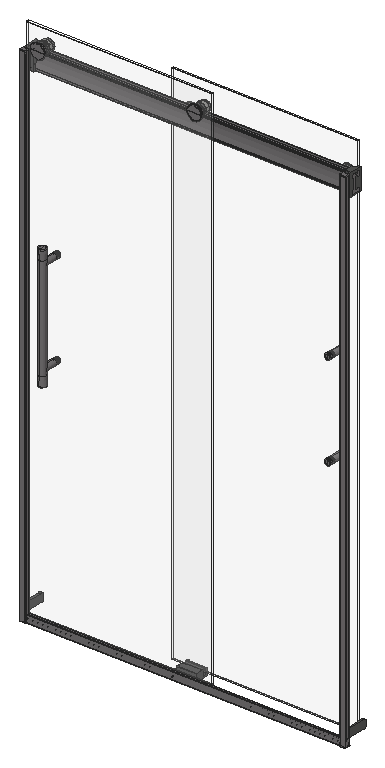
Revit family "Shower-Shower_Door-KOHLER-Elmbrook-K-706852_1", category Specialty Equipment, host Face, Revit 2022
Family settings
  Host = Face
  Round Connector Dimension = Use Diameter
  Part Type = Normal
  OmniClass Number = 23.31.17.17
  OmniClass Title = Shower Enclosures
  Cut with Voids When Loaded = No
  Maintain Annotation Orientation = No
  Shared = No
  Room Calculation Point = No
Parameters (values of type "ABZ-Anodized Dark Bronze")
  Width [instance] = Walk Through + 26.57874"  # 44.64961"
  WaterSense Certified = 1 = 0  # no
  Walk Through [instance] = 18.07087"
  URL = "https://www.us.kohler.com/us/"
  Type = 1
  Product Page URL = "http://www.us.kohler.com/us/catalog/productDetails.jsp?productId=706852-8L"
  Product Name = "Elmbrook"  # constant formula
  Product Documentation Link = "https://www.us.kohler.com/webassets/kpna/catalog/pdf/en/K-706852-8L_spec_US-CA_Kohler_en.pdf"
  Model = if(Type = 1, "K-706852-8L-ABZ", if(Type = 2, "K-706852-8L-2MB", if(Type = 3, "K-706852-8L-BL", if(Type = 4, "K-706852-8L-BNK", if(Type = 5, "K-706852-8L-SHP", "NA")))))  # "K-706852-8L-ABZ"
  Material = "Premium Metal Construction"  # constant formula
  Master Format 2014 Name = "Shower Doors"  # constant formula
  Master Format 2014 = "10 28 19.16"  # constant formula
  Manufacturer Address = "444 Highland Dr, Kohler, WI 53044"  # constant formula
  Manufacturer = "Kohler Co."  # constant formula
  Length = 7 13/128"  # constant formula
  Height = 73 137/256"  # constant formula
  Finish = Kohler-Metal-ABZ-Anodized_Dark_Bronze
  Environmental Product Declaration = ""
  Description = "Frameless sliding shower door, 73-9/16 Inch H x 44-5/8 - 47-5/8 Inch W, with 5/16 Inch thick Crystal Clear glass"  # constant formula
  Default Elevation = 4"
  Declare Label = ""
  Date Modified = "07/15/2022"  # constant formula
  Date Created = "07/15/2022"  # constant formula
  Copyright = "Copyright Kohler Co."  # constant formula
  Contact Us = "https://www.us.kohler.com/us/static/contact.jsp"
  Assembly Code = "C1030200"
  ADA Compliant = 1 = 0  # no
Reference planes (in)
  plane 1 "Center (Front/Back)": y = 0
  plane 2: z = 0
  plane 3 "Center (Left/Right)": x = 0
  plane 4: x = -25.81528
  plane 5: x = 18.07087
  plane 6: x = 16.53887
  plane 7: x = 14.84292
  plane 8: x = -2.00521
  plane 9: x = -2.65748
  plane 10: x = -4.9472
  plane 11: x = -5.41339
  plane 12: x = -6.93
  plane 13: x = -21.74417
  plane 14: x = -23.47804
  plane 15: x = -24.82417
  plane 16: x = -25.03965
  plane 17: x = -25.43704
  plane 18: x = 18.83432
  plane 19: x = 18.07031
  plane 20: z = 73.53516
  plane 21: z = 70.79309
  plane 22: z = 70.33864
  plane 23: z = 67.58059
  plane 24: z = 67.35303
  plane 25: z = 47.90725
  plane 26: z = 45.95052
  plane 27: z = 32.95012
  plane 28: z = 30.99378
  plane 29: z = 0.99037
  plane 30: y = 3.5515
  plane 31: y = 3.02679
  plane 32: y = 1.67304
  plane 33: y = 1.0264
  plane 34: y = -1.77495
  plane 35: y = -3.55006
  plane 36: y = -3.02515
  plane 37: y = -0.71911
  plane 38: y = -1.03166
  plane 39: y = 0.7144
Dimensions and locks (in)
  locked: plane 4 to plane 3 "Center (Left/Right)" at 25.81528
  locked: plane 12 to plane 10 at 1.9828
  locked: plane 7 to plane 6 at 1.69595
  locked: plane 6 to plane 5 at 1.53199
  plane 25 to plane 28 = 16.91346"
  plane 28 to level = 30.99378"
  "Height": plane 20 to level
  "Length": plane 35 to plane 30
  "Width": plane 4 to plane 18
  "Walk Through": plane 5 to plane 3 "Center (Left/Right)"
  aligned and locked: plane 2 to host face
  aligned and locked: level to host face
  aligned and locked: plane 18 to nested 1
  aligned and locked: nested 1 to plane 4
Automatic sketch dimensions
  host sketch curve to host sketch curve = 96"  (x2)
Nested families (in)
  nested 1: "K-706852" at (5.41722, 0, 0), type "K-706852"
Definition of nested family "K-706852"
  Parameters (values of type "K-706852")
    Material = none
    Default Elevation = 0"
    Walk Thru = 18.07087"
  Reference planes (in)
    plane 1 "Center (Front/Back)": y = 0
    plane 2: z = 0
    plane 3 "Center (Left/Right)": x = -5.41883
    plane 4: x = -7.42404
    plane 5: x = -31.23411
    plane 6: x = 13.4171
    plane 7: x = 12.65204
    plane 8: x = -30.45848
    plane 9 "G": x = -28.89687
    plane 10 "F": x = -27.163
    plane 11 "E": x = -12.3233
    plane 12: x = -10.83221
    plane 13: x = -8.07631
    plane 14 "D": x = -10.34051
    plane 15 "C": x = -7.42404
    plane 16 "B": x = 9.42409
    plane 17 "A": x = 11.12005
    plane 18: x = 13.11063
    plane 19: x = -30.243
    plane 20: x = -30.85587
    plane 21: z = 73.53554
    plane 22: z = 70.79309
    plane 23: z = 70.33864
    plane 24: z = 67.35303
    plane 25 "Z": z = 47.90725
    plane 26: z = 30.99378
    plane 27: z = 45.95052
    plane 28: z = 32.95012
    plane 29: z = 0.99037
    plane 30: z = 67.58059
    plane 31: y = 3.5515
    plane 32: y = 3.02679
    plane 33: y = 1.67304
    plane 34: y = 1.71523
    plane 35: y = 1.0264
    plane 36: y = -1.77495
    plane 37: y = -3.54987
    plane 38: y = -3.02515
    plane 39: y = -1.65344
  Forms (in)
    Extrusion 1, solid, material <- "Material"
      sketch origin (-5.95689, -0.08634, 0) x (1, 0, 0) y (0, 1, 0)
        loop
          line (-24.61229, -1.05332) -> (-25.27722, -1.05332) -> (-25.27722, -1.69043) -> (-24.60951, -1.69043)
          arc (-24.60951, -1.69043) -> (-24.5332, -1.65882) -> (-24.50159, -1.58251) r 0.10792
          line (-24.50159, -1.58251) -> (-24.50159, -1.16402)
          arc (-24.50159, -1.16402) -> (-24.53401, -1.08574) -> (-24.61229, -1.05332) r 0.11069
        loop
          arc (18.71962, -1.03718) -> (18.64135, -1.06961) -> (18.60893, -1.14788) r 0.11069
          line (18.60893, -1.14788) -> (18.60893, -1.57328)
          arc (18.60893, -1.57328) -> (18.64054, -1.64959) -> (18.71685, -1.6812) r 0.10792
          line (18.71685, -1.6812) -> (19.37399, -1.6812) -> (19.37399, -1.03718) -> (18.71962, -1.03718)
      from 70.243 to 70.33864
    Extrusion 2, solid, material <- "Material", detail levels medium+fine
      sketch origin (-5.95689, -0.08634, 0) x (1, 0, 0) y (0, 1, 0)
        loop
          line (-24.61626, -1.05474) -> (-25.27722, -1.07205) -> (-25.27722, -1.11406) -> (-25.27722, -1.62525) -> (-25.27722, -1.6717) -> (-24.62182, -1.68886)
          arc (-24.62182, -1.68886) -> (-24.5407, -1.65711) -> (-24.50683, -1.57685) r 0.11206
          line (-24.50683, -1.57685) -> (-24.50683, -1.16133)
          arc (-24.50683, -1.16133) -> (-24.53906, -1.08495) -> (-24.61626, -1.05474) r 0.10663
        loop
          arc (18.71835, -1.055) -> (18.64115, -1.08521) -> (18.60893, -1.16159) r 0.10663
          line (18.60893, -1.16159) -> (18.60893, -1.57659)
          arc (18.60893, -1.57659) -> (18.64279, -1.65685) -> (18.72392, -1.6886) r 0.11206
          line (18.72392, -1.6886) -> (19.37399, -1.67158) -> (19.37399, -1.62513) -> (19.37399, -1.11406) -> (19.37399, -1.07205) -> (18.71835, -1.055)
      from 0.078 to 70.243
    Extrusion 3, solid, material <- "Material", detail levels medium+fine
      sketch origin (0.19161, -0.08634, 0) x (0, 1, 0) y (0, 0, 1)
        loop
          line (-0.399, 70.12659) -> (-0.399, 69.95357)
          arc (-0.399, 69.95357) -> (-0.3975, 69.93172) -> (-0.39303, 69.91028) r 0.15979
          arc (-0.39303, 69.91028) -> (-0.24718, 68.84257) -> (-0.399, 67.77568) r 3.90121
          line (-0.399, 67.77568) -> (-0.399, 67.60047)
          arc (-0.399, 67.60047) -> (-0.39318, 67.58641) -> (-0.37912, 67.58059) r 0.01988
          line (-0.37912, 67.58059) -> (0.51868, 67.58059)
          arc (0.51868, 67.58059) -> (0.53305, 67.58654) -> (0.539, 67.60091) r 0.02032
          line (0.539, 67.60091) -> (0.539, 67.90561)
          arc (0.539, 67.90561) -> (0.52004, 67.95472) -> (0.473, 67.97835) r 0.07308
          line (0.473, 67.97835) -> (0.473, 67.92617)
          arc (0.473, 67.92617) -> (0.46791, 67.90868) -> (0.45422, 67.89667) r 0.03256
          line (0.45422, 67.89667) -> (0.271, 67.81105) -> (0.09202, 67.89434)
          arc (0.09202, 67.89434) -> (0.07716, 67.89336) -> (0.07, 67.8803) r 0.01549
          line (0.07, 67.8803) -> (0.07, 67.84916)
          arc (0.07, 67.84916) -> (0.07427, 67.83452) -> (0.08575, 67.82446) r 0.02725
          line (0.08575, 67.82446) -> (0.22119, 67.76144)
          arc (0.22119, 67.76144) -> (0.23344, 67.75071) -> (0.238, 67.73507) r 0.02908
          line (0.238, 67.73507) -> (0.238, 67.70146)
          arc (0.238, 67.70146) -> (0.23189, 67.6867) -> (0.21712, 67.68059) r 0.02088
          line (0.21712, 67.68059) -> (-0.03548, 67.68059)
          arc (-0.03548, 67.68059) -> (-0.07898, 67.69861) -> (-0.097, 67.74211) r 0.06152
          line (-0.097, 67.74211) -> (-0.097, 69.71466)
          arc (-0.097, 69.71466) -> (-0.09058, 69.73016) -> (-0.07507, 69.73659) r 0.02193
          line (-0.07507, 69.73659) -> (-0.022, 69.73659)
          arc (-0.022, 69.73659) -> (-0.00644, 69.73014) -> (0, 69.71458) r 0.022
          line (0, 69.71458) -> (0, 69.66242)
          arc (0, 69.66242) -> (0.00669, 69.64627) -> (0.02283, 69.63959) r 0.02283
          line (0.02283, 69.63959) -> (0.46515, 69.63959)
          arc (0.46515, 69.63959) -> (0.48201, 69.6326) -> (0.489, 69.61574) r 0.02385
          line (0.489, 69.61574) -> (0.489, 69.45559) -> (0.539, 69.45559) -> (0.539, 70.10529)
          arc (0.539, 70.10529) -> (0.53276, 70.12035) -> (0.5177, 70.12659) r 0.0213
          line (0.5177, 70.12659) -> (0.478, 70.12659) -> (0.478, 69.73959) -> (0.1, 69.73959) -> (0.1, 69.77853)
          arc (0.1, 69.77853) -> (0.08299, 69.81958) -> (0.04194, 69.83659) r 0.05806
          line (0.04194, 69.83659) -> (-0.07706, 69.83659) -> (-0.07706, 69.87879)
          arc (-0.07706, 69.87879) -> (-0.06955, 69.89684) -> (-0.05434, 69.90914) r 0.03977
          line (-0.05434, 69.90914) -> (0.072, 69.96765) -> (0.072, 70.01561)
          arc (0.072, 70.01561) -> (0.06468, 70.02895) -> (0.04951, 70.02993) r 0.0158
          line (0.04951, 70.02993) -> (-0.131, 69.94559) -> (-0.333, 70.03959) -> (-0.333, 70.12659) -> (-0.399, 70.12659)
      from -31.19144 to 13.22549
    Extrusion 4, solid
      sketch origin (-5.91075, -0.08634, 0) x (1, 0, 0) y (0, 1, 0)
        loop
          line (-24.33224, 0.64975) -> (-24.94511, 0.66045) -> (-24.94511, 1.02846) -> (-25.32336, 1.03507) -> (-25.32336, -1.05397) -> (-24.94511, -1.04737) -> (-24.94511, -0.48797) -> (-24.33224, -0.47728) -> (-24.33224, 0.64975)
        loop
          line (18.38461, 0.64895) -> (18.38461, -0.47648) -> (19.02138, -0.48759) -> (19.02138, -1.03718) -> (19.32785, -1.03718) -> (19.32785, 1.03343) -> (19.02138, 1.02808) -> (19.02138, 0.66007) -> (18.38461, 0.64895)
      from 67.35303 to 70.33864
    Extrusion 5, solid, detail levels medium+fine
      sketch origin (-5.91075, -0.08376, 0) x (0, 1, 0) y (0, 0, 1)
        loop
          line (-1.07301, 2.12737) -> (-1.07301, 1.05363) -> (1.54571, 1.05363)
          arc (1.54571, 1.05363) -> (1.72481, 1.12782) -> (1.79899, 1.30691) r 0.25328
          line (1.79899, 1.30691) -> (1.79899, 1.87971)
          arc (1.79899, 1.87971) -> (1.72645, 2.05483) -> (1.55133, 2.12737) r 0.24766
          line (1.55133, 2.12737) -> (-1.07301, 2.12737)
      from -25.32336 to -24.94511
    Revolve 6, solid, material <- "Material", detail levels medium+fine
      sketch origin (-32.00649, -180.07404, 70.79309) x (-1, 0, 0) y (0, -1, 0)
        loop
          line (-3.09733, -180.42981) -> (-2.41731, -180.42981) -> (-2.37233, -180.38483) -> (-2.37233, -180.12281) -> (-2.88733, -180.12281) -> (-2.88733, -180.06432) -> (-2.3511, -180.06432)
          arc (-2.3511, -180.06432) -> (-2.28612, -179.87731) -> (-2.3511, -179.69031) r 0.30157
          line (-2.3511, -179.69031) -> (-2.83153, -179.69031) -> (-2.83153, -179.64119) -> (-2.54617, -179.64119) -> (-2.54617, -179.5582) -> (-2.37001, -179.5582) -> (-2.37001, -179.357) -> (-2.94711, -179.357) -> (-2.94711, -179.3251) -> (-2.76661, -179.3251) -> (-2.76661, -179.04475) -> (-2.40589, -179.04475)
          arc (-2.40589, -179.04475) -> (-2.2933, -178.74069) -> (-2.08301, -178.49391) r 0.92813
          line (-2.08301, -178.49391) -> (-2.12772, -178.40615) -> (-3.09733, -178.40615) -> (-3.09733, -180.42981)
        axis (-3.09733, -180.42981) -> (-3.09733, -178.40615)
      angle from 0 to 360
    Extrusion 7, solid, material <- "Material", detail levels medium+fine
      sketch origin (0.19161, -0.08634, 0) x (0, 1, 0) y (0, 0, 1)
        loop
          line (-1.22375, 1.044) -> (-1.52196, 1.044)
          arc (-1.52196, 1.044) -> (-1.5537, 1.03085) -> (-1.56685, 0.99911) r 0.04489
          line (-1.56685, 0.99911) -> (-1.56685, 0.0223)
          arc (-1.56685, 0.0223) -> (-1.56032, 0.00653) -> (-1.54455, 0) r 0.0223
          line (-1.54455, 0) -> (-0.90556, 0)
          arc (-0.90556, 0) -> (-0.89164, 0.00577) -> (-0.88588, 0.01969) r 0.01969
          line (-0.88588, 0.01969) -> (-0.88588, 0.05672)
          arc (-0.88588, 0.05672) -> (-0.89211, 0.07177) -> (-0.90716, 0.078) r 0.02128
          line (-0.90716, 0.078) -> (-1.23414, 0.078)
          arc (-1.23414, 0.078) -> (-1.33931, 0.12156) -> (-1.38288, 0.22673) r 0.14873
          line (-1.38288, 0.22673) -> (-1.38288, 0.33586)
          arc (-1.38288, 0.33586) -> (-1.34205, 0.38473) -> (-1.28669, 0.35325) r 0.04966
          line (-1.28669, 0.35325) -> (-1.26305, 0.29003)
          arc (-1.26305, 0.29003) -> (-1.23094, 0.27124) -> (-1.20604, 0.29888) r 0.02946
          line (-1.20604, 0.29888) -> (-1.17673, 0.88689) -> (-1.33432, 0.88689)
          arc (-1.33432, 0.88689) -> (-1.38606, 0.93863) -> (-1.33432, 0.99037) r 0.05174
          line (-1.33432, 0.99037) -> (-1.1774, 0.99037)
          arc (-1.1774, 0.99037) -> (-1.18831, 1.02779) -> (-1.22375, 1.044) r 0.04684
      from -31.04748 to 13.22549
    Extrusion 8, solid
      sketch origin (-10.80574, 1.23721, 48) x (0, -1, 0) y (0, 0, 1)
        loop
          line (-0.09323, -48) -> (1.75327, -48) -> (2.14897, -47.95745)
          arc (2.14897, -47.95745) -> (2.17783, -47.94284) -> (2.18979, -47.91279) r 0.04572
          line (2.18979, -47.91279) -> (2.19108, -47.839) -> (2.53177, -47.839)
          arc (2.53177, -47.839) -> (2.62139, -47.78712) -> (2.65677, -47.68979) r 0.15155
          arc (2.65677, -47.68979) -> (2.63194, -47.65721) -> (2.59395, -47.67251) r 0.03379
          line (2.59395, -47.67251) -> (2.56497, -47.72118)
          arc (2.56497, -47.72118) -> (2.52942, -47.73558) -> (2.50597, -47.70522) r 0.03174
          line (2.50597, -47.70522) -> (2.50096, -47.13154)
          arc (2.50096, -47.13154) -> (2.49453, -47.1163) -> (2.47923, -47.11) r 0.02173
          line (2.47923, -47.11) -> (2.11591, -47.11)
          arc (2.11591, -47.11) -> (2.10193, -47.11572) -> (2.09596, -47.1296) r 0.01995
          line (2.09596, -47.1296) -> (2.08472, -47.77406)
          arc (2.08472, -47.77406) -> (2.05857, -47.83492) -> (1.99726, -47.86) r 0.08747
          line (1.99726, -47.86) -> (1.77614, -47.86)
          arc (1.77614, -47.86) -> (1.74081, -47.84591) -> (1.72489, -47.81137) r 0.05132
          line (1.72489, -47.81137) -> (1.6808, -46.97021)
          arc (1.6808, -46.97021) -> (1.67357, -46.95451) -> (1.65751, -46.94811) r 0.02332
          line (1.65751, -46.94811) -> (0.59455, -46.94811)
          arc (0.59455, -46.94811) -> (0.56796, -46.95871) -> (0.55598, -46.98471) r 0.03862
          line (0.55598, -46.98471) -> (0.5141, -47.7839)
          arc (0.5141, -47.7839) -> (0.48918, -47.83795) -> (0.4339, -47.86) r 0.08031
          line (0.4339, -47.86) -> (0.24348, -47.86)
          arc (0.24348, -47.86) -> (0.17989, -47.83399) -> (0.15277, -47.77087) r 0.09072
          line (0.15277, -47.77087) -> (0.13884, -46.97293)
          arc (0.13884, -46.97293) -> (0.127, -46.94536) -> (0.09923, -46.934) r 0.03962
          line (0.09923, -46.934) -> (0, -46.934)
          arc (0, -46.934) -> (-0.0271, -46.94481) -> (-0.03932, -46.97131) r 0.03937
          line (-0.03932, -46.97131) -> (-0.09323, -48)
      from -2.72943 to 0
    Extrusion 9, solid
      sketch origin (0.19161, -0.07712, 0) x (1, 0, 0) y (0, 1, 0)
        loop
          line (12.91902, 1.10351) -> (-12.51491, 1.10351) -> (-12.51491, 0.79151) -> (12.91902, 0.79151) -> (12.91902, 1.10351)
      from 0.74592 to 73.53554
    Extrusion 10, solid
      sketch origin (0.19161, -0.07712, 0) x (1, 0, 0) y (0, 1, 0)
        loop
          arc (-31.04175, -0.64254) -> (-31.10461, -0.79854) -> (-31.04175, -0.95454) r 0.225
          line (-31.04175, -0.95454) -> (-5.66699, -0.95454)
          arc (-5.66699, -0.95454) -> (-5.60434, -0.79854) -> (-5.66699, -0.64254) r 0.22557
          line (-5.66699, -0.64254) -> (-31.04175, -0.64254)
      from 0.71474 to 73.53554
    Extrusion 11, solid, material <- "Material", detail levels coarse
      sketch origin (-31.00435, -180.08634, 37.91339) x (-1, 0, 0) y (0, -1, 0)
        loop
          line (-0.54111, -178.94668) -> (0.22976, -178.94668) -> (0.22976, -178.30957) -> (-0.54111, -178.30957) -> (-0.54111, -178.94668)
        loop
          line (-43.65058, -178.95591) -> (-43.65058, -178.3188) -> (-44.42145, -178.3188) -> (-44.42145, -178.95591) -> (-43.65058, -178.95591)
      from -37.83539 to 32.42526
    Extrusion 12, solid, detail levels coarse
      sketch origin (-4.88899, -0.72934, 48) x (0, 1, 0) y (0, 0, 1)
        loop
          line (-0.42743, -45.87263) -> (-0.42743, -46.94637) -> (2.44457, -46.94637) -> (2.44457, -45.87263) -> (-0.42743, -45.87263)
      from -26.34512 to -25.96687
    Extrusion 13, solid, material <- "Material", detail levels coarse
      sketch origin (-1.77876, -0.72012, 48) x (0, 1, 0) y (0, 0, 1)
        loop
          line (0.244, 22.12659) -> (0.244, 19.77568) -> (0.244, 19.58059) -> (1.16168, 19.58059)
          arc (1.16168, 19.58059) -> (1.17605, 19.58654) -> (1.182, 19.60091) r 0.02032
          line (1.182, 19.60091) -> (1.182, 19.97835) -> (1.116, 19.97835) -> (1.116, 19.90544) -> (0.914, 19.81105) -> (0.713, 19.90459) -> (0.713, 19.83179) -> (0.881, 19.75361) -> (0.881, 19.68059) -> (0.546, 19.68059) -> (0.546, 21.73659) -> (0.643, 21.73659) -> (0.643, 21.63959) -> (1.132, 21.63959) -> (1.132, 21.45559) -> (1.182, 21.45559) -> (1.182, 22.12659) -> (1.121, 22.12659) -> (1.121, 21.73959) -> (0.743, 21.73959) -> (0.743, 21.83659) -> (0.56594, 21.83659) -> (0.56594, 21.89861) -> (0.715, 21.96765) -> (0.715, 22.04044) -> (0.512, 21.94559) -> (0.31, 22.03959) -> (0.31, 22.12659) -> (0.244, 22.12659)
      from -29.22108 to 15.19586
    Extrusion 14, solid, material <- "Material", detail levels coarse
      sketch origin (1.21337, -0.72934, 48) x (0, 1, 0) y (0, 0, 1)
        loop
          line (-0.58243, -46.956) -> (-0.87992, -46.956)
          arc (-0.87992, -46.956) -> (-0.91098, -46.96887) -> (-0.92385, -46.99992) r 0.04392
          line (-0.92385, -46.99992) -> (-0.92385, -47.97858)
          arc (-0.92385, -47.97858) -> (-0.91757, -47.99373) -> (-0.90242, -48) r 0.02142
          line (-0.90242, -48) -> (-0.25314, -48)
          arc (-0.25314, -48) -> (-0.23879, -47.99406) -> (-0.23285, -47.97971) r 0.02029
          line (-0.23285, -47.97971) -> (-0.23285, -47.94167)
          arc (-0.23285, -47.94167) -> (-0.23861, -47.92776) -> (-0.25251, -47.922) r 0.01967
          line (-0.25251, -47.922) -> (-0.73987, -47.922) -> (-0.73987, -47.65281)
          arc (-0.73987, -47.65281) -> (-0.72888, -47.62627) -> (-0.70234, -47.61527) r 0.03754
          line (-0.70234, -47.61527) -> (-0.65546, -47.61527) -> (-0.61303, -47.72876) -> (-0.56442, -47.72876) -> (-0.53373, -47.11311) -> (-0.74306, -47.11311) -> (-0.74306, -47.081) -> (-0.18423, -47.081)
          arc (-0.18423, -47.081) -> (-0.16423, -47.06101) -> (-0.18423, -47.04101) r 0.01999
          line (-0.18423, -47.04101) -> (-0.74306, -47.04101) -> (-0.74306, -47.00963) -> (-0.53473, -47.00963)
          arc (-0.53473, -47.00963) -> (-0.54654, -46.97211) -> (-0.58243, -46.956) r 0.04802
      from -32.11937 to 12.20373
    Revolve 15, solid, material <- "Material", detail levels coarse
      sketch origin (-32.00649, -180.07404, 70.79309) x (-1, 0, 0) y (0, -1, 0)
        loop
          line (-3.10963, -178.40259) -> (-3.10963, -180.42818) -> (-2.29216, -180.42818) -> (-2.29216, -179.678) -> (-2.38232, -179.678) -> (-2.38232, -179.54589) -> (-2.09531, -179.54589) -> (-2.09531, -178.40259) -> (-3.10963, -178.40259)
        axis (-3.10963, -180.42818) -> (-3.10963, -178.40259)
      angle from 0 to 360
    Revolve 16, solid, material <- "Material", detail levels medium+fine
      sketch origin (-31.53897, -180.08634, 70.79309) x (-1, 0, 0) y (0, -1, 0)
        loop
          line (-24.83686, -180.12281) -> (-24.83686, -180.38346)
          arc (-24.83686, -180.38346) -> (-24.83378, -180.39893) -> (-24.82502, -180.41205) r 0.04044
          line (-24.82502, -180.41205) -> (-24.79726, -180.43981) -> (-24.11494, -180.43981) -> (-24.11494, -178.41538) -> (-25.06477, -178.41538)
          arc (-25.06477, -178.41538) -> (-25.0804, -178.41979) -> (-25.09142, -178.43172) r 0.02991
          line (-25.09142, -178.43172) -> (-25.11855, -178.48496)
          arc (-25.11855, -178.48496) -> (-25.12108, -178.50527) -> (-25.11002, -178.52248) r 0.03004
          arc (-25.11002, -178.52248) -> (-24.91062, -178.74935) -> (-24.81402, -179.03553) r 0.76865
          arc (-24.81402, -179.03553) -> (-24.80675, -179.04921) -> (-24.79225, -179.05468) r 0.02195
          line (-24.79225, -179.05468) -> (-24.44532, -179.05468) -> (-24.44532, -179.3251) -> (-24.26515, -179.3251) -> (-24.26515, -179.357) -> (-24.84225, -179.357) -> (-24.84225, -179.5582) -> (-24.66609, -179.5582) -> (-24.66609, -179.64119) -> (-24.38073, -179.64119) -> (-24.38073, -179.69031) -> (-24.86116, -179.69031)
          arc (-24.86116, -179.69031) -> (-24.92886, -179.87754) -> (-24.86116, -180.06478) r 0.29277
          line (-24.86116, -180.06478) -> (-24.32494, -180.06478) -> (-24.32494, -180.12281) -> (-24.83686, -180.12281)
        axis (-24.11494, -180.43981) -> (-24.11494, -178.41538)
      angle from 0 to 360
    Revolve 17, solid, material <- "Material", detail levels medium+fine
      sketch origin (-10.34051, 0, 0) x (0, -1, 0) y (0, 0, 1)
        loop
          line (0.00084, 68.6302) -> (-1.67304, 68.6302) -> (-1.67304, 67.68725)
          arc (-1.67304, 67.68725) -> (-1.66749, 67.66757) -> (-1.65248, 67.65369) r 0.03767
          line (-1.65248, 67.65369) -> (-1.62083, 67.63756)
          arc (-1.62083, 67.63756) -> (-1.58083, 67.6318) -> (-1.54563, 67.65166) r 0.06268
          arc (-1.54563, 67.65166) -> (-1.32373, 67.8335) -> (-1.05691, 67.93889) r 0.92813
          arc (-1.05691, 67.93889) -> (-1.02946, 67.95605) -> (-1.01874, 67.98659) r 0.04889
          line (-1.01874, 67.98659) -> (-1.01874, 68.29506) -> (-0.73839, 68.29506) -> (-0.73839, 68.48785) -> (-0.70649, 68.48785) -> (-0.70649, 67.91076) -> (-0.51916, 67.91076) -> (-0.51916, 68.08692) -> (-0.4223, 68.08692) -> (-0.4223, 68.37227) -> (-0.37318, 68.37227) -> (-0.37318, 67.87954)
          arc (-0.37318, 67.87954) -> (-0.18617, 67.81456) -> (0.00084, 67.87954) r 0.30157
          line (0.00084, 67.87954) -> (0.00084, 68.6302)
        axis (0.00084, 68.6302) -> (-1.67304, 68.6302)
      angle from 0 to 360
    Revolve 18, solid, material <- "Material", detail levels medium+fine
      sketch origin (-27.163, 0, 0) x (0, -1, 0) y (0, 0, 1)
        loop
          line (0.4188, 45.95052) -> (2.97785, 45.95052) -> (2.97785, 46.34437) -> (1.09535, 46.34437)
          arc (1.09535, 46.34437) -> (1.08037, 46.34016) -> (1.0698, 46.32876) r 0.02871
          line (1.0698, 46.32876) -> (1.03045, 46.32876) -> (1.03045, 46.14832) -> (0.72841, 46.14832)
          arc (0.72841, 46.14832) -> (0.71383, 46.15436) -> (0.7078, 46.16894) r 0.02062
          line (0.7078, 46.16894) -> (0.7078, 46.32841) -> (0.66969, 46.32841)
          arc (0.66969, 46.32841) -> (0.65865, 46.33997) -> (0.64325, 46.34422) r 0.03003
          line (0.64325, 46.34422) -> (0.44108, 46.34422)
          arc (0.44108, 46.34422) -> (0.42532, 46.33769) -> (0.4188, 46.32193) r 0.02229
          line (0.4188, 46.32193) -> (0.4188, 45.95052)
        axis (2.97785, 45.95052) -> (0.4188, 45.95052)
      angle from 0 to 360
    Revolve 19, solid, material <- "Material", detail levels medium+fine
      sketch origin (-27.163, 0, 0) x (0, -1, 0) y (0, 0, 1)
        loop
          line (0.4188, 32.95012) -> (0.4188, 32.5787)
          arc (0.4188, 32.5787) -> (0.42532, 32.56294) -> (0.44108, 32.55642) r 0.02229
          line (0.44108, 32.55642) -> (0.64325, 32.55642)
          arc (0.64325, 32.55642) -> (0.65865, 32.56067) -> (0.66969, 32.57222) r 0.03003
          line (0.66969, 32.57222) -> (0.7078, 32.57222) -> (0.7078, 32.7317)
          arc (0.7078, 32.7317) -> (0.71383, 32.74627) -> (0.72841, 32.75231) r 0.02062
          line (0.72841, 32.75231) -> (1.03045, 32.75231) -> (1.03045, 32.57187) -> (1.0698, 32.57187)
          arc (1.0698, 32.57187) -> (1.08037, 32.56047) -> (1.09535, 32.55626) r 0.02871
          line (1.09535, 32.55626) -> (2.97785, 32.55626) -> (2.97785, 32.95012) -> (0.4188, 32.95012)
        axis (2.97785, 32.95012) -> (0.4188, 32.95012)
      angle from 0 to 360
    Revolve 20, solid, material <- "Material", detail levels medium+fine
      sketch origin (-27.163, 0, 0) x (0, -1, 0) y (0, 0, 1)
        loop
          line (2.59272, 46.55052) -> (2.59272, 32.35052)
          arc (2.59272, 32.35052) -> (2.56925, 31.7009) -> (2.49899, 31.05468) r 9.00524
          arc (2.49899, 31.05468) -> (2.51141, 31.01219) -> (2.55167, 30.99378) r 0.05323
          line (2.55167, 30.99378) -> (3.02515, 30.99378) -> (3.02515, 47.90725) -> (2.55167, 47.90725)
          arc (2.55167, 47.90725) -> (2.51141, 47.88884) -> (2.49899, 47.84635) r 0.05323
          arc (2.49899, 47.84635) -> (2.56925, 47.20013) -> (2.59272, 46.55052) r 9.00524
        axis (3.02515, 47.90725) -> (3.02515, 30.99378)
      angle from 0 to 360
    Revolve 21, solid, material <- "Material", detail levels coarse
      sketch origin (-10.34051, 0, 0) x (0, -1, 0) y (0, 0, 1)
        loop
          line (0.00084, 68.6302) -> (-1.67304, 68.6302) -> (-1.67304, 67.63936) -> (-1.01874, 67.63936) -> (-1.01874, 67.98659) -> (-1.01874, 68.29506) -> (-0.73839, 68.29506) -> (-0.73839, 67.81284) -> (0.00084, 67.81284) -> (0.00084, 68.6302)
        axis (0.00084, 68.6302) -> (-1.67304, 68.6302)
      angle from 0 to 360
    Revolve 22, solid, material <- "Material", detail levels coarse
      sketch origin (-5.42515, -0.08634, 70.79232) x (1, 0, 0) y (0, 1, 0)
        loop
          line (-1.66851, -0.94532) -> (-1.66851, -0.643) -> (-1.21149, -0.643) -> (-1.21149, 0.43981) -> (-1.99889, 0.43981) -> (-1.99889, -1.58462) -> (-0.98925, -1.58462) -> (-0.98925, -0.94532) -> (-1.66851, -0.94532)
        axis (-1.99889, 0.43981) -> (-1.99889, -1.58462)
      angle from 0 to 360
    Revolve 23, solid, material <- "Material", detail levels coarse
      sketch origin (-27.163, 0, 0) x (0, -1, 0) y (0, 0, 1)
        loop
          line (0.4188, 32.95012) -> (0.4188, 32.5787)
          arc (0.4188, 32.5787) -> (0.42532, 32.56294) -> (0.44108, 32.55642) r 0.02229
          line (0.44108, 32.55642) -> (0.7078, 32.55642) -> (0.7078, 32.75231) -> (1.03045, 32.75231) -> (1.03045, 32.55626) -> (2.97785, 32.55626) -> (2.97785, 32.95012) -> (0.4188, 32.95012)
        axis (2.97785, 32.95012) -> (0.4188, 32.95012)
      angle from 0 to 360
    Revolve 24, solid, material <- "Material", detail levels coarse
      sketch origin (-27.163, 0, 0) x (0, -1, 0) y (0, 0, 1)
        loop
          line (0.4188, 45.95052) -> (2.97785, 45.95052) -> (2.97785, 46.34437) -> (1.03045, 46.34437) -> (1.03045, 46.14832) -> (0.7078, 46.14832) -> (0.7078, 46.34422) -> (0.4188, 46.34422) -> (0.4188, 45.95052)
        axis (2.97785, 45.95052) -> (0.4188, 45.95052)
      angle from 0 to 360
    Revolve 25, solid, material <- "Material", detail levels coarse
      sketch origin (-27.163, 0, 0) x (0, -1, 0) y (0, 0, 1)
        loop
          line (2.50044, 47.90725) -> (2.50044, 30.99378) -> (3.02515, 30.99378) -> (3.02515, 47.90725) -> (2.50044, 47.90725)
        axis (3.02515, 47.90725) -> (3.02515, 30.99378)
      angle from 0 to 360
    Extrusion 26, solid, detail levels coarse
      sketch origin (-4.88899, -0.13879, 48) x (0, 1, 0) y (0, 0, 1)
        loop
          line (-0.98474, -45.87263) -> (-0.98474, -46.94637) -> (1.85402, -46.94637) -> (1.85402, -45.87263) -> (-0.98474, -45.87263)
      from 18.30609 to 17.99962
    Extrusion 27, solid, detail levels medium+fine
      sketch origin (-5.91075, -0.22296, -0.13919) x (0, 1, 0) y (0, 0, 1)
        loop
          line (-0.93382, 2.26656) -> (-0.93382, 1.19283) -> (1.68491, 1.19283)
          arc (1.68491, 1.19283) -> (1.864, 1.26701) -> (1.93819, 1.44611) r 0.25328
          line (1.93819, 1.44611) -> (1.93819, 2.0189)
          arc (1.93819, 2.0189) -> (1.86565, 2.19402) -> (1.69053, 2.26656) r 0.24766
          line (1.69053, 2.26656) -> (-0.93382, 2.26656)
      from 19.32785 to 19.02138
    Revolve 28, solid, material <- "Material", detail levels medium+fine
      sketch origin (11.12005, 0, 0) x (0, 1, 0) y (0, 0, 1)
        loop
          line (-0.00084, 68.6302) -> (-0.00084, 67.87954)
          arc (-0.00084, 67.87954) -> (0.18617, 67.81456) -> (0.37318, 67.87954) r 0.30157
          line (0.37318, 67.87954) -> (0.37318, 68.37227) -> (0.4223, 68.37227) -> (0.4223, 68.08692) -> (0.51916, 68.08692) -> (0.51916, 67.91076) -> (0.70649, 67.91076) -> (0.70649, 68.48785) -> (0.73839, 68.48785) -> (0.73839, 68.29506) -> (1.01874, 68.29506) -> (1.01874, 67.98659)
          arc (1.01874, 67.98659) -> (1.02946, 67.95605) -> (1.05691, 67.93889) r 0.04889
          arc (1.05691, 67.93889) -> (1.32373, 67.8335) -> (1.54563, 67.65166) r 0.92813
          arc (1.54563, 67.65166) -> (1.58083, 67.6318) -> (1.62083, 67.63756) r 0.06268
          line (1.62083, 67.63756) -> (1.65248, 67.65369)
          arc (1.65248, 67.65369) -> (1.66749, 67.66757) -> (1.67304, 67.68725) r 0.03767
          line (1.67304, 67.68725) -> (1.67304, 68.6302) -> (-0.00084, 68.6302)
        axis (-0.00084, 68.6302) -> (1.67304, 68.6302)
      angle from 0 to 360
    Revolve 29, solid, material <- "Material", detail levels coarse
      sketch origin (11.12005, 0, 0) x (0, 1, 0) y (0, 0, 1)
        loop
          line (-0.00084, 68.6302) -> (-0.00084, 67.81284) -> (0.73839, 67.81284) -> (0.73839, 68.29506) -> (1.01874, 68.29506) -> (1.01874, 67.98659) -> (1.01874, 67.63936) -> (1.67304, 67.63936) -> (1.67304, 68.6302) -> (-0.00084, 68.6302)
        axis (-0.00084, 68.6302) -> (1.67304, 68.6302)
      angle from 0 to 360
    Revolve 30, solid, material <- "Material", detail levels coarse
      sketch origin (9.42409, 0, 0) x (0, -1, 0) y (0, 0, 1)
        loop
          line (-0.17934, 32.95012) -> (-2.93157, 32.95012) -> (-2.93157, 32.55626) -> (-0.79099, 32.55626) -> (-0.79099, 32.75231) -> (-0.46834, 32.75231) -> (-0.46834, 32.55642) -> (-0.17934, 32.55642) -> (-0.17934, 32.95012)
        axis (-2.93157, 32.95012) -> (-0.17934, 32.95012)
      angle from 0 to 360
    Revolve 31, solid, material <- "Material", detail levels medium+fine
      sketch origin (9.42409, 0, 0) x (0, -1, 0) y (0, 0, 1)
        loop
          line (-0.17934, 32.95012) -> (-2.98226, 32.95012) -> (-2.98226, 32.55626) -> (-0.85589, 32.55626)
          arc (-0.85589, 32.55626) -> (-0.84091, 32.56047) -> (-0.83034, 32.57187) r 0.02871
          line (-0.83034, 32.57187) -> (-0.79099, 32.57187) -> (-0.79099, 32.75231) -> (-0.48895, 32.75231)
          arc (-0.48895, 32.75231) -> (-0.47437, 32.74627) -> (-0.46834, 32.7317) r 0.02062
          line (-0.46834, 32.7317) -> (-0.46834, 32.57222) -> (-0.43023, 32.57222)
          arc (-0.43023, 32.57222) -> (-0.41919, 32.56067) -> (-0.40379, 32.55642) r 0.03003
          line (-0.40379, 32.55642) -> (-0.20162, 32.55642)
          arc (-0.20162, 32.55642) -> (-0.18586, 32.56294) -> (-0.17934, 32.5787) r 0.02229
          line (-0.17934, 32.5787) -> (-0.17934, 32.95012)
        axis (-2.98226, 32.95012) -> (-0.17934, 32.95012)
      angle from 0 to 360
    Revolve 32, solid, material <- "Material", detail levels coarse
      sketch origin (9.42409, 0, 0) x (0, -1, 0) y (0, 0, 1)
        loop
          line (-2.50207, 47.90725) -> (-3.02679, 47.90725) -> (-3.02679, 30.99378) -> (-2.50207, 30.99378) -> (-2.50207, 47.90725)
        axis (-3.02679, 47.90725) -> (-3.02679, 30.99378)
      angle from 0 to 360
    Revolve 33, solid, material <- "Material", detail levels medium+fine
      sketch origin (9.42409, 0, 0) x (0, -1, 0) y (0, 0, 1)
        loop
          line (-3.45922, 46.55052) -> (-3.45922, 32.35052)
          arc (-3.45922, 32.35052) -> (-3.48269, 31.7009) -> (-3.55295, 31.05468) r 9.00524
          arc (-3.55295, 31.05468) -> (-3.54053, 31.01219) -> (-3.50027, 30.99378) r 0.05323
          line (-3.50027, 30.99378) -> (-3.02679, 30.99378) -> (-3.02679, 47.90725) -> (-3.50027, 47.90725)
          arc (-3.50027, 47.90725) -> (-3.54053, 47.88884) -> (-3.55295, 47.84635) r 0.05323
          arc (-3.55295, 47.84635) -> (-3.48269, 47.20013) -> (-3.45922, 46.55052) r 9.00524
        axis (-3.02679, 47.90725) -> (-3.02679, 30.99378)
      angle from 0 to 360
    Revolve 34, solid, material <- "Material", detail levels coarse
      sketch origin (9.42409, 0, 0) x (0, -1, 0) y (0, 0, 1)
        loop
          line (-0.17934, 45.95052) -> (-0.17934, 46.34422) -> (-0.46834, 46.34422) -> (-0.46834, 46.14832) -> (-0.79099, 46.14832) -> (-0.79099, 46.34437) -> (-2.91893, 46.34437) -> (-2.91893, 45.95052) -> (-0.17934, 45.95052)
        axis (-2.91893, 45.95052) -> (-0.17934, 45.95052)
      angle from 0 to 360
    Revolve 35, solid, material <- "Material", detail levels medium+fine
      sketch origin (9.42409, 0, 0) x (0, -1, 0) y (0, 0, 1)
        loop
          line (-0.17934, 45.95052) -> (-0.17934, 46.32193)
          arc (-0.17934, 46.32193) -> (-0.18586, 46.33769) -> (-0.20162, 46.34422) r 0.02229
          line (-0.20162, 46.34422) -> (-0.40379, 46.34422)
          arc (-0.40379, 46.34422) -> (-0.41919, 46.33997) -> (-0.43023, 46.32841) r 0.03003
          line (-0.43023, 46.32841) -> (-0.46834, 46.32841) -> (-0.46834, 46.16894)
          arc (-0.46834, 46.16894) -> (-0.47437, 46.15436) -> (-0.48895, 46.14832) r 0.02062
          line (-0.48895, 46.14832) -> (-0.79099, 46.14832) -> (-0.79099, 46.32876) -> (-0.83034, 46.32876)
          arc (-0.83034, 46.32876) -> (-0.84091, 46.34016) -> (-0.85589, 46.34437) r 0.02871
          line (-0.85589, 46.34437) -> (-2.89988, 46.34437) -> (-2.89988, 45.95052) -> (-0.17934, 45.95052)
        axis (-2.89988, 45.95052) -> (-0.17934, 45.95052)
      angle from 0 to 360
  Cuts and joins
    joined: Revolve 18, Revolve 19, Revolve 20, Revolve 31, Revolve 33, Revolve 35
    joined: Extrusion 11, Extrusion 14, Revolve 15, Revolve 21, Revolve 22, Revolve 23, Revolve 24, Revolve 25, Revolve 29, Revolve 30, Revolve 32, Revolve 34
    joined: Extrusion 5, Extrusion 27
    joined: Extrusion 12, Extrusion 26
    joined: Extrusion 9, Extrusion 10
  Lines and regions (in)
    Masking region 1
      outline origin (0, 0, 47.90725) x (-1, 0, 0) y (0, -1, 0)
        loop
          line (31.23411, -1.71523) -> (31.23411, 1.77481) -> (30.56888, 1.76192)
          arc (30.56888, 1.76192) -> (30.49081, 1.72896) -> (30.45713, 1.65119) r 0.11386
          line (30.45713, 1.65119) -> (27.5567, 1.65119) -> (27.5567, 2.68179)
          arc (27.5567, 2.68179) -> (27.15499, 3.54952) -> (26.76948, 2.67448) r 0.52461
          line (26.76948, 2.67448) -> (26.76948, 1.65344) -> (-12.65239, 1.65344)
          arc (-12.65239, 1.65344) -> (-12.68446, 1.73178) -> (-12.76225, 1.76515) r 0.11173
          line (-12.76225, 1.76515) -> (-13.4171, 1.7742) -> (-13.4171, 0.89731) -> (5.417, 0.89731)
          arc (5.417, 0.89731) -> (5.42563, 0.80251) -> (5.4725, 0.71966) r 0.22614
          line (5.4725, 0.71966) -> (6.69648, 0.71966) -> (6.69648, 0.52815) -> (6.87281, 0.52815) -> (6.87281, 0.48213) -> (-13.4171, 0.48213) -> (-13.4171, -0.46188) -> (8.07631, -0.46188) -> (8.07631, -1.30456)
          arc (8.07631, -1.30456) -> (8.08213, -1.31861) -> (8.09618, -1.32443) r 0.01987
          line (8.09618, -1.32443) -> (10.83221, -1.32443) -> (10.83221, -0.46188) -> (30.243, -0.46188) -> (30.243, -0.52356)
          arc (30.243, -0.52356) -> (30.25287, -0.5477) -> (30.27684, -0.55799) r 0.03444
          line (30.27684, -0.55799) -> (30.82009, -0.56747)
          arc (30.82009, -0.56747) -> (30.84543, -0.57836) -> (30.85587, -0.60388) r 0.03641
          line (30.85587, -0.60388) -> (30.85587, -1.66212)
          arc (30.85587, -1.66212) -> (30.86944, -1.69529) -> (30.90237, -1.70944) r 0.04733
          line (30.90237, -1.70944) -> (31.23411, -1.71523)
        loop
          arc (30.82873, 0.57985) -> (30.84795, 0.58811) -> (30.85587, 0.60747) r 0.02762
          line (30.85587, 0.60747) -> (30.85587, 0.71966) -> (29.6368, 0.71966) -> (29.6368, 0.51584) -> (29.46032, 0.51584) -> (29.46032, 0.48213) -> (30.243, 0.48213) -> (30.243, 0.53144)
          arc (30.243, 0.53144) -> (30.25414, 0.55868) -> (30.28118, 0.5703) r 0.03886
          line (30.28118, 0.5703) -> (30.82873, 0.57985)
        loop
          line (10.83221, 0.71966) -> (10.83221, 0.48213) -> (26.76043, 0.48213) -> (26.76043, 0.67899)
          arc (26.76043, 0.67899) -> (26.76827, 0.70383) -> (26.78896, 0.71966) r 0.04325
          line (26.78896, 0.71966) -> (10.83221, 0.71966)
        loop
          line (28.35802, 0.48213) -> (28.35802, 0.51584) -> (28.18052, 0.51584) -> (28.18052, 0.71966) -> (27.72106, 0.71966) -> (27.52649, 0.71966)
          arc (27.52649, 0.71966) -> (27.54951, 0.70303) -> (27.5583, 0.67603) r 0.04582
          line (27.5583, 0.67603) -> (27.5583, 0.48213) -> (28.35802, 0.48213)
    Masking region 2
      outline origin (0, 0, 47.90725) x (-1, 0, 0) y (0, -1, 0)
        loop
          line (-13.06536, -1.0264) -> (-11.82968, -1.0264) -> (-11.82968, -1.08495)
          arc (-11.82968, -1.08495) -> (-11.90251, -1.34785) -> (-12.10025, -1.53578) r 0.51088
          arc (-12.10025, -1.53578) -> (-12.11408, -1.55288) -> (-12.11139, -1.5747) r 0.02815
          line (-12.11139, -1.5747) -> (-12.06253, -1.65933)
          arc (-12.06253, -1.65933) -> (-12.0517, -1.67017) -> (-12.03689, -1.67413) r 0.0296
          line (-12.03689, -1.67413) -> (-10.21396, -1.67413)
          arc (-10.21396, -1.67413) -> (-10.19861, -1.67038) -> (-10.18673, -1.65996) r 0.03324
          line (-10.18673, -1.65996) -> (-10.12945, -1.57815)
          arc (-10.12945, -1.57815) -> (-10.12584, -1.55921) -> (-10.1376, -1.54393) r 0.02353
          arc (-10.1376, -1.54393) -> (-10.33828, -1.35236) -> (-10.41216, -1.08495) r 0.52092
          line (-10.41216, -1.08495) -> (-10.41216, -1.0264) -> (-9.77854, -1.0264)
          arc (-9.77854, -1.0264) -> (-9.80691, -1.03815) -> (-9.81866, -1.06652) r 0.04013
          line (-9.81866, -1.06652) -> (-9.81866, -2.60814)
          arc (-9.81866, -2.60814) -> (-9.42496, -3.5512) -> (-9.03126, -2.60814) r 0.55371
          line (-9.03126, -2.60814) -> (-9.03126, -1.06767)
          arc (-9.03126, -1.06767) -> (-9.04335, -1.03849) -> (-9.07254, -1.0264) r 0.04127
          line (-9.07254, -1.0264) -> (9.62994, -1.0264) -> (9.62994, -1.13581)
          arc (9.62994, -1.13581) -> (9.55221, -1.38704) -> (9.34618, -1.55046) r 0.44483
          arc (9.34618, -1.55046) -> (9.33082, -1.56855) -> (9.33758, -1.59128) r 0.0249
          line (9.33758, -1.59128) -> (9.4087, -1.6624)
          arc (9.4087, -1.6624) -> (9.42169, -1.67108) -> (9.43702, -1.67413) r 0.04004
          line (9.43702, -1.67413) -> (11.244, -1.67413)
          arc (11.244, -1.67413) -> (11.25932, -1.67108) -> (11.27231, -1.6624) r 0.04004
          line (11.27231, -1.6624) -> (11.34343, -1.59128)
          arc (11.34343, -1.59128) -> (11.35019, -1.56855) -> (11.33484, -1.55046) r 0.0249
          arc (11.33484, -1.55046) -> (11.12881, -1.38704) -> (11.05107, -1.13581) r 0.44483
          line (11.05107, -1.13581) -> (11.05107, -1.0264) -> (12.3233, -1.0264) -> (12.3233, -0.7144) -> (11.07315, -0.7144) -> (11.07315, -0.51916) -> (10.89699, -0.51916) -> (10.89699, -0.46188) -> (9.78402, -0.46188) -> (9.78402, -0.51916) -> (9.60787, -0.51916) -> (9.60787, -0.7144) -> (-9.06879, -0.7144)
          arc (-9.06879, -0.7144) -> (-9.04225, -0.70341) -> (-9.03126, -0.67688) r 0.03752
          line (-9.03126, -0.67688) -> (-9.03126, -0.46188) -> (-9.81866, -0.46188) -> (-9.81866, -0.67677)
          arc (-9.81866, -0.67677) -> (-9.80764, -0.70338) -> (-9.78103, -0.7144) r 0.03763
          line (-9.78103, -0.7144) -> (-10.41216, -0.7144) -> (-10.41216, -0.52249) -> (-10.58979, -0.52249) -> (-10.58979, -0.46188) -> (-11.65204, -0.46188) -> (-11.65204, -0.52249) -> (-11.82968, -0.52249) -> (-11.82968, -0.7144) -> (-13.06536, -0.7144) -> (-13.06536, -0.59478)
          arc (-13.06536, -0.59478) -> (-13.05865, -0.57836) -> (-13.04235, -0.57137) r 0.02341
          line (-13.04235, -0.57137) -> (-12.45091, -0.56134)
          arc (-12.45091, -0.56134) -> (-12.43511, -0.55455) -> (-12.42859, -0.53864) r 0.0227
          line (-12.42859, -0.53864) -> (-12.42859, 0.54257)
          arc (-12.42859, 0.54257) -> (-12.43463, 0.55731) -> (-12.44926, 0.5636) r 0.02104
          line (-12.44926, 0.5636) -> (-13.04514, 0.574)
          arc (-13.04514, 0.574) -> (-13.05946, 0.58015) -> (-13.06536, 0.59458) r 0.02058
          line (-13.06536, 0.59458) -> (-13.06536, 1.12353) -> (-13.4171, 1.12353) -> (-13.4171, -1.71523) -> (-13.1249, -1.71523)
          arc (-13.1249, -1.71523) -> (-13.0828, -1.69779) -> (-13.06536, -1.65569) r 0.05953
          line (-13.06536, -1.65569) -> (-13.06536, -1.0264)
    Masking region 3
      outline origin (0, 0, 0) x (1, 0, 0) y (0, 0, 1)
        loop
          line (13.11063, 73.53554) -> (-30.913, 73.53554) -> (-30.913, 70.33864) -> (-31.23411, 70.33864) -> (-31.23411, 0.078) -> (-30.906, 0.078) -> (-30.906, 0) -> (12.65204, 0) -> (12.65204, 0.078) -> (13.41254, 0.078) -> (13.41254, 70.33864) -> (13.11063, 70.33864) -> (13.11063, 73.53554)
    Masking region 4
      outline origin (-5.41883, 0, 0) x (0, 1, 0) y (0, 0, 1)
        loop
          line (1.32942, 0) -> (1.27775, 1.05363) -> (1.45262, 1.05363)
          arc (1.45262, 1.05363) -> (1.63179, 1.12784) -> (1.706, 1.30701) r 0.25338
          line (1.706, 1.30701) -> (1.706, 1.87859)
          arc (1.706, 1.87859) -> (1.63307, 2.05465) -> (1.45702, 2.12758) r 0.24898
          line (1.45702, 2.12758) -> (1.01814, 2.12758) -> (1.01814, 32.55795) -> (2.59033, 32.55795) -> (2.59033, 32.35092)
          arc (2.59033, 32.35092) -> (2.56725, 31.70442) -> (2.49812, 31.06121) r 9.06469
          arc (2.49812, 31.06121) -> (2.5123, 31.01292) -> (2.55809, 30.99201) r 0.06059
          line (2.55809, 30.99201) -> (3.45703, 30.99201)
          arc (3.45703, 30.99201) -> (3.52123, 31.02112) -> (3.54164, 31.08859) r 0.08535
          arc (3.54164, 31.08859) -> (3.47912, 31.71838) -> (3.45825, 32.35092) r 9.59615
          line (3.45825, 32.35092) -> (3.45825, 46.54837)
          arc (3.45825, 46.54837) -> (3.47928, 47.20613) -> (3.54229, 47.8612) r 10.29612
          arc (3.54229, 47.8612) -> (3.53244, 47.89341) -> (3.50174, 47.90729) r 0.04088
          line (3.50174, 47.90729) -> (2.55809, 47.90729)
          arc (2.55809, 47.90729) -> (2.5123, 47.88638) -> (2.49812, 47.83808) r 0.06059
          arc (2.49812, 47.83808) -> (2.56725, 47.19487) -> (2.59033, 46.54837) r 9.06469
          line (2.59033, 46.54837) -> (2.59033, 46.3363) -> (1.01507, 46.3363) -> (1.01507, 67.96928)
          arc (1.01507, 67.96928) -> (1.30215, 67.8554) -> (1.54025, 67.65868) r 0.99119
          arc (1.54025, 67.65868) -> (1.55886, 67.64809) -> (1.58007, 67.65111) r 0.0331
          line (1.58007, 67.65111) -> (1.64683, 67.68513)
          arc (1.64683, 67.68513) -> (1.66014, 67.69743) -> (1.66505, 67.71487) r 0.03338
          line (1.66505, 67.71487) -> (1.66505, 67.81284) -> (1.66505, 69.59713)
          arc (1.66505, 69.59713) -> (1.6565, 69.61944) -> (1.63522, 69.63032) r 0.03338
          line (1.63522, 69.63032) -> (1.57964, 69.65937)
          arc (1.57964, 69.65937) -> (1.56004, 69.6619) -> (1.54269, 69.65244) r 0.03202
          arc (1.54269, 69.65244) -> (1.30626, 69.45758) -> (1.0215, 69.34449) r 0.98827
          line (1.0215, 69.34449) -> (1.0215, 73.44698)
          arc (1.0215, 73.44698) -> (0.86564, 73.51258) -> (0.70517, 73.45922) r 0.24023
          line (0.70517, 73.45922) -> (0.70517, 70.33885) -> (0.34393, 70.33885) -> (0.34393, 71.45044)
          arc (0.34393, 71.45044) -> (0.3409, 71.46578) -> (0.33228, 71.47883) r 0.04043
          line (0.33228, 71.47883) -> (0.30435, 71.50714) -> (0.03693, 71.50939) -> (0.03693, 71.27334) -> (-0.02156, 71.27334) -> (-0.02156, 71.52297)
          arc (-0.02156, 71.52297) -> (-0.20661, 71.59401) -> (-0.39418, 71.52994) r 0.29075
          line (-0.39418, 71.52994) -> (-0.39418, 71.04967) -> (-0.44395, 71.04967) -> (-0.44395, 71.313)
          arc (-0.44395, 71.313) -> (-0.44993, 71.32743) -> (-0.46435, 71.3334) r 0.0204
          line (-0.46435, 71.3334) -> (-0.52889, 71.3334) -> (-0.52889, 71.51192) -> (-0.72889, 71.51375) -> (-0.72889, 73.47255)
          arc (-0.72889, 73.47255) -> (-0.88489, 73.53589) -> (-1.04089, 73.47255) r 0.22377
          line (-1.04089, 73.47255) -> (-1.04089, 71.47767)
          arc (-1.04089, 71.47767) -> (-1.33566, 71.59143) -> (-1.57969, 71.79214) r 0.99168
          arc (-1.57969, 71.79214) -> (-1.59918, 71.80302) -> (-1.62123, 71.79957) r 0.03425
          line (-1.62123, 71.79957) -> (-1.65378, 71.7825)
          arc (-1.65378, 71.7825) -> (-1.67225, 71.77072) -> (-1.67943, 71.75003) r 0.03338
          line (-1.67943, 71.75003) -> (-1.67943, 70.3232) -> (-1.73786, 70.3232)
          arc (-1.73786, 70.3232) -> (-1.76537, 70.3118) -> (-1.77677, 70.28429) r 0.03892
          line (-1.77677, 70.28429) -> (-1.77677, 70.20431) -> (-1.77677, 46.3363) -> (-2.601, 46.3363) -> (-2.601, 46.54837)
          arc (-2.601, 46.54837) -> (-2.57791, 47.19487) -> (-2.50878, 47.83808) r 9.06469
          arc (-2.50878, 47.83808) -> (-2.52296, 47.88638) -> (-2.56875, 47.90729) r 0.06059
          line (-2.56875, 47.90729) -> (-3.50414, 47.90729)
          arc (-3.50414, 47.90729) -> (-3.54805, 47.88723) -> (-3.56164, 47.8409) r 0.05809
          arc (-3.56164, 47.8409) -> (-3.49212, 47.1963) -> (-3.46891, 46.54837) r 9.05471
          line (-3.46891, 46.54837) -> (-3.46891, 32.35092)
          arc (-3.46891, 32.35092) -> (-3.49212, 31.703) -> (-3.56164, 31.05839) r 9.05471
          arc (-3.56164, 31.05839) -> (-3.54805, 31.01207) -> (-3.50414, 30.99201) r 0.05809
          line (-3.50414, 30.99201) -> (-2.56875, 30.99201)
          arc (-2.56875, 30.99201) -> (-2.52296, 31.01292) -> (-2.50878, 31.06121) r 0.06059
          arc (-2.50878, 31.06121) -> (-2.57791, 31.70442) -> (-2.601, 32.35092) r 9.06469
          line (-2.601, 32.35092) -> (-2.601, 32.55795) -> (-1.77677, 32.55795) -> (-1.77677, 0.07764) -> (-1.66242, 0.07764) -> (-1.66242, 0.0236)
          arc (-1.66242, 0.0236) -> (-1.6555, 0.00691) -> (-1.63881, 0) r 0.0236
          line (-1.63881, 0) -> (1.32942, 0)
        loop
          line (1.01507, 33.34476) -> (2.59033, 33.34476) -> (2.59033, 45.54949) -> (1.01507, 45.54949) -> (1.01507, 33.34476)
        loop
          line (-1.78183, 33.34476) -> (-1.78183, 45.54949) -> (-2.601, 45.54949) -> (-2.601, 33.34476) -> (-1.78183, 33.34476)
        loop
          line (0.70517, 67.33927) -> (-0.72889, 67.33927) -> (-0.72889, 46.28708) -> (-0.44754, 46.28708)
          arc (-0.44754, 46.28708) -> (-0.4301, 46.27986) -> (-0.42287, 46.26241) r 0.02467
          line (-0.42287, 46.26241) -> (-0.42287, 45.59763)
          arc (-0.42287, 45.59763) -> (-0.4287, 45.58356) -> (-0.44277, 45.57773) r 0.0199
          line (-0.44277, 45.57773) -> (-0.72889, 45.57773) -> (-0.72889, 33.29201) -> (-0.67352, 33.29201) -> (-0.67352, 33.3229)
          arc (-0.67352, 33.3229) -> (-0.66712, 33.33836) -> (-0.65166, 33.34476) r 0.02186
          line (-0.65166, 33.34476) -> (-0.43844, 33.34476)
          arc (-0.43844, 33.34476) -> (-0.42576, 33.33321) -> (-0.42386, 33.31616) r 0.02431
          line (-0.42386, 33.31616) -> (-0.42386, 32.58408)
          arc (-0.42386, 32.58408) -> (-0.42576, 32.56703) -> (-0.43844, 32.55547) r 0.02431
          line (-0.43844, 32.55547) -> (-0.65166, 32.55547)
          arc (-0.65166, 32.55547) -> (-0.66712, 32.56187) -> (-0.67352, 32.57733) r 0.02186
          line (-0.67352, 32.57733) -> (-0.67352, 32.61246) -> (-0.72889, 32.61246) -> (-0.72889, 2.12737) -> (0.70517, 2.12737) -> (0.70517, 32.61246) -> (0.65517, 32.61246) -> (0.65517, 32.57733)
          arc (0.65517, 32.57733) -> (0.64877, 32.56187) -> (0.63331, 32.55547) r 0.02186
          line (0.63331, 32.55547) -> (0.42008, 32.55547)
          arc (0.42008, 32.55547) -> (0.4074, 32.56703) -> (0.40551, 32.58408) r 0.02431
          line (0.40551, 32.58408) -> (0.40551, 33.31616)
          arc (0.40551, 33.31616) -> (0.4074, 33.33321) -> (0.42008, 33.34476) r 0.02431
          line (0.42008, 33.34476) -> (0.63331, 33.34476)
          arc (0.63331, 33.34476) -> (0.64877, 33.33836) -> (0.65517, 33.3229) r 0.02186
          line (0.65517, 33.3229) -> (0.65517, 33.29201) -> (0.70517, 33.29201) -> (0.70517, 45.57773) -> (0.42541, 45.57773)
          arc (0.42541, 45.57773) -> (0.41134, 45.58356) -> (0.40551, 45.59763) r 0.0199
          line (0.40551, 45.59763) -> (0.40551, 46.26241)
          arc (0.40551, 46.26241) -> (0.41274, 46.27986) -> (0.43018, 46.28708) r 0.02467
          line (0.43018, 46.28708) -> (0.70517, 46.28708) -> (0.70517, 67.33927)
    symbolic lines, detail levels medium+fine
      curve 1: line (-30.85593, 0.94251, 0) -> (-31.23397, 0.94251, 0)
      curve 2: line (-30.243, 0.45587, 0) -> (-30.243, -0.48213, 0)
      curve 3: line (-30.45742, -1.6592, 0) -> (-30.45742, -1.18989, 0)
      curve 4: line (-30.85587, -1.13966, 0) -> (-31.23411, -1.13966, 0)
      curve 5: line (-30.85587, -1.02548, 0) -> (-30.85587, -1.13966, 0)
      curve 6: line (-30.50765, -1.13966, 0) -> (-31.23411, -1.13966, 0)
      curve 7: arc (-30.85014, -0.71966, 0) -> (-30.913, -0.87566, 0) -> (-30.85014, -1.03166, 0) r 0.225
      curve 8: line (-30.85014, -1.03166, 0) -> (-5.47538, -1.03166, 0)
      curve 9: line (-29.64602, -0.71966, 0) -> (-28.19038, -0.71966, 0)
      curve 10: line (-27.5583, -0.48213, 0) -> (-26.76043, -0.48213, 0)
      curve 11: line (-27.52649, -0.71966, 0) -> (-26.78896, -0.71966, 0)
      curve 12: arc (-27.56428, -2.68708, 0) -> (-27.17447, -2.50057, 0) -> (-26.77688, -2.66986, 0) r 0.52471
      curve 13: line (-30.243, 0.40088, 0) -> (12.42859, 0.40088, 0)
      curve 14: line (12.42859, 0.02288, 0) -> (-7.21443, 0.02288, 0)
      curve 15: line (-30.243, -0.20812, 0) -> (-29.71414, -0.20812, 0)
      curve 16: line (12.42859, -0.41012, 0) -> (-7.15824, -0.41012, 0)
      curve 17: line (12.42859, -0.00512, 0) -> (-7.21443, -0.00512, 0)
      curve 18: line (-30.243, 0.39166, 0) -> (12.42859, 0.39166, 0)
      curve 19: line (12.42859, -0.41934, 0) -> (-7.15824, -0.41934, 0)
      curve 20: line (-30.243, -0.21734, 0) -> (-29.71368, -0.21734, 0)
      curve 21: line (12.42859, -0.01434, 0) -> (-7.21443, -0.01434, 0)
      curve 22: line (-30.45742, -1.26408, 0) -> (-29.68092, -1.26408, 0)
      curve 23: line (-30.45742, -1.29376, 0) -> (-29.6921, -1.29376, 0)
      curve 24: line (-27.5567, -1.65119, 0) -> (-27.5567, -1.03166, 0)
      curve 25: line (-26.76948, -1.65344, 0) -> (-26.76948, -1.03166, 0)
      curve 26: arc (-29.64602, -1.03166, 0) -> (-29.70698, -1.32759, 0) -> (-29.89789, -1.56179, 0) r 0.6346
      curve 27: arc (-28.19038, -1.03166, 0) -> (-28.12398, -1.33156, 0) -> (-27.92169, -1.56272, 0) r 0.61954
      curve 28: line (-29.90828, -1.60874, 0) -> (-29.88571, -1.65119, 0)
      curve 29: line (-27.9098, -1.60947, 0) -> (-27.93106, -1.65119, 0)
      curve 30: arc (-27.92169, -1.56272, 0) -> (-27.90694, -1.58385, 0) -> (-27.9098, -1.60947, 0) r 0.03657
      curve 31: arc (-29.89789, -1.56179, 0) -> (-29.91174, -1.58335, 0) -> (-29.90828, -1.60874, 0) r 0.03704
      curve 32: line (-29.89789, -1.56179, 0) -> (-27.92304, -1.56179, 0)
      curve 33: line (-27.9098, -1.60947, 0) -> (-29.90788, -1.60947, 0)
      curve 34: line (-28.15323, -1.26408, 0) -> (-27.5567, -1.26408, 0)
      curve 35: line (-28.14153, -1.29376, 0) -> (-27.5567, -1.29376, 0)
      curve 36: line (-26.76948, -1.29376, 0) -> (-8.20737, -1.29376, 0)
      curve 37: line (-26.76948, -1.26408, 0) -> (-8.19705, -1.26408, 0)
      curve 38: line (-28.18417, 0.31079, 0) -> (-29.63417, 0.31079, 0)
      curve 39: line (-29.63417, 0.04877, 0) -> (-28.18417, 0.04877, 0)
      curve 40: line (-29.65539, -0.38373, 0) -> (-28.16294, -0.38373, 0)
      curve 41: line (-29.65539, -0.00972, 0) -> (-28.16294, -0.00972, 0)
      curve 42: line (-29.46032, -0.43285, 0) -> (-28.35802, -0.43285, 0)
      curve 43: line (-29.46032, -0.51584, 0) -> (-28.35802, -0.51584, 0)
      curve 44: line (-29.46032, -0.48213, 0) -> (-29.46032, -0.43285, 0)
      curve 45: line (-28.35802, -0.48213, 0) -> (-28.35802, -0.43285, 0)
      curve 46: line (-29.23622, -0.43285, 0) -> (-29.23622, -0.38373, 0)
      curve 47: line (-28.57159, -0.43285, 0) -> (-28.57159, -0.38373, 0)
      curve 48: arc (-29.65539, -0.38373, 0) -> (-29.71434, -0.19673, 0) -> (-29.65539, -0.00972, 0) r 0.32613
      curve 49: arc (-28.16294, -0.38373, 0) -> (-28.09303, -0.19673, 0) -> (-28.16294, -0.00972, 0) r 0.28507
      curve 50: line (-29.58918, 0.35577, 0) -> (-28.22915, 0.35577, 0)
      curve 51: line (-29.58918, 0.35577, 0) -> (-29.63417, 0.31079, 0)
      curve 52: line (-29.63417, 0.04877, 0) -> (-29.63417, 0.31079, 0)
      curve 53: line (-28.22915, 0.35577, 0) -> (-28.18417, 0.31079, 0)
      curve 54: line (-28.18417, 0.04877, 0) -> (-28.18417, 0.31079, 0)
      curve 55: line (-29.33735, 0.04877, 0) -> (-29.33735, -0.00972, 0)
      curve 56: line (-28.5392, 0.04877, 0) -> (-28.5392, -0.00972, 0)
      curve 57: line (-28.09378, -0.21734, 0) -> (-8.23875, -0.21734, 0)
      curve 58: line (-28.09326, -0.20812, 0) -> (-8.23887, -0.20812, 0)
      curve 59: line (-29.23622, -0.41934, 0) -> (-30.243, -0.41934, 0)
      curve 60: line (-29.23622, -0.41012, 0) -> (-30.243, -0.41012, 0)
      curve 61: line (-29.65857, -0.01434, 0) -> (-30.243, -0.01434, 0)
      curve 62: line (-29.33735, -0.00512, 0) -> (-30.243, -0.00512, 0)
      curve 63: line (-29.33735, 0.02288, 0) -> (-30.243, 0.02288, 0)
      curve 64: arc (-30.45742, -1.18989, 0) -> (-30.47213, -1.15438, 0) -> (-30.50765, -1.13966, 0) r 0.05023
      curve 65: arc (-5.417, -0.89731, 0) -> (-5.43348, -0.97001, 0) -> (-5.47538, -1.03166, 0) r 0.2005
      curve 66: line (-10.83221, -0.71966, 0) -> (-6.63697, -0.71966, 0)
      curve 67: line (-8.15135, -0.52815, 0) -> (-8.15135, -0.71966, 0)
      curve 68: line (-6.87281, -0.52815, 0) -> (-8.15135, -0.52815, 0)
      curve 69: line (-7.97519, -0.44515, 0) -> (-6.87281, -0.44515, 0)
      curve 70: line (-6.87281, -0.48213, 0) -> (-6.87281, -0.44515, 0)
      curve 71: line (-7.97519, -0.52815, 0) -> (-7.97519, -0.44515, 0)
      curve 72: line (-7.68984, -0.39604, 0) -> (-7.68984, -0.44515, 0)
      curve 73: line (-7.15824, -0.39604, 0) -> (-7.15824, -0.44515, 0)
      curve 74: line (-6.67781, -0.39604, 0) -> (-8.17026, -0.39604, 0)
      curve 75: line (-6.67781, -0.02156, 0) -> (-8.17026, -0.02156, 0)
      curve 76: line (-6.70211, 0.03647, 0) -> (-8.14596, 0.03647, 0)
      curve 77: line (-6.74172, 0.35347, 0) -> (-8.10636, 0.35347, 0)
      curve 78: line (-8.14596, 0.03647, 0) -> (-8.14596, 0.29401, 0)
      curve 79: line (-6.70211, 0.03647, 0) -> (-6.70211, 0.29499, 0)
      curve 80: arc (-8.17026, -0.02156, 0) -> (-8.23887, -0.2088, 0) -> (-8.17026, -0.39604, 0) r 0.28979
      curve 81: arc (-6.67781, -0.02156, 0) -> (-6.60962, -0.2088, 0) -> (-6.67781, -0.39604, 0) r 0.29114
